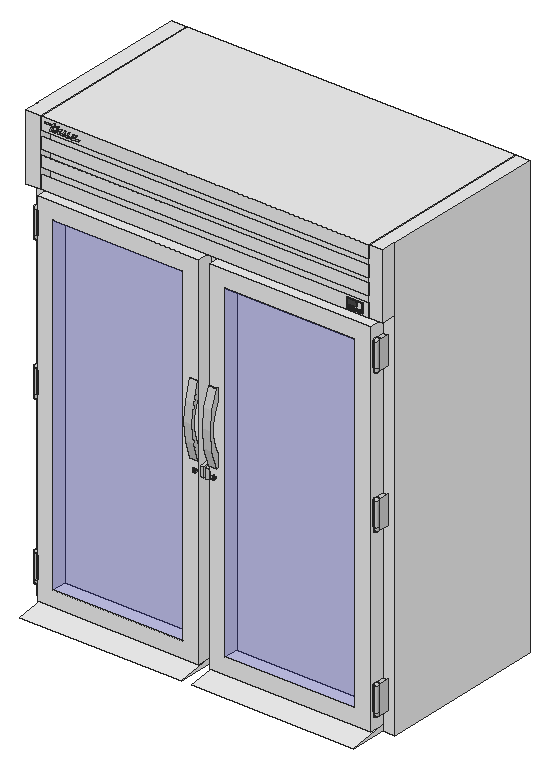
Revit family
Parameters
  Weight in Pounds = 0
  Watts = Volts * FL Amps  # 1357 W
  Volts = 115 V
  URL Cutsheet = "www.truemfg.com"
  URL = "www.truemfg.com"
  Type Mark [instance] = ""
  Type Comments = ""
  Status [instance] = ""
  Specification by User [instance] = ""
  Specification by Manufacturer = ""
  Show Logo [instance] = yes
  Show Clearance [instance] = yes
  Serial Number = ""
  Seismic Rating = ""
  SMACNA No = ""
  Revision Code [instance] = ""
  Phase = 1
  Omniclass Number and Title = ""
  Number of Poles [instance] = 1
  NAFEM Spec ID Number = ""
  Model = "STA2RRI-2G"
  Min Ckt Ampacity = 0 A
  Max Overcurrent Protection = 0 A
  Masterspec = ""
  Manufacturer = "TRUE FOOD SERVICE EQUIPMENT, INC."
  Length = 68"
  Item Number [instance] = ""
  Installed By [instance] = ""
  Identify Quantity as Lot [instance] = yes
  Height = 83 3/4"
  HP = "1/2"
  Furnished By [instance] = ""
  Foodservice Equipment Identifier [instance] = yes
  FL Amps = 11.8 A
  Electrical Remarks [instance] = ""
  Electric Connection Type [instance] = ""
  Elec Conn RI Height [instance] = 0"
  Elec Conn Connection Height [instance] = 0"
  Description = "Roll-in Glass Swing Door Refrigerator"
  Depth = 34 3/4"
  Cycle = 60 Hz
  Conn Plug = "5-15P"
  Conn Conduit = yes
  CSI MasterFormat = ""
  CSI Master Format = ""
  Apparent Power = if(Phase = 3, Volts * FL Amps * 1.73, Volts * FL Amps)  # 1357 VA
Reference planes (in)
  plane 1 "BACK": y = 0
  plane 2: z = 0
  plane 3 "LEFT": x = 0
  plane 4 "RIGHT": x = 68
  plane 5 "FRONT": y = -34.75
  plane 6 "TOP": z = 83.75
  plane 7: x = 2.84375
  plane 8: y = -34.7042
  plane 9: x = 34
  plane 10: z = 69.90625
Forms (in)
  Extrusion 1, solid, material "QF_Finishes_Chrome - Satin"
    sketch origin (0.05, 0, 0) x (1, 0, 0) y (0, 1, 0)
      loop
        line (-0.05, 0) -> (-0.05, -32) -> (2.87859, -32) -> (2.87859, 0) -> (-0.05, 0)
    from 0 to 83.75
  Extrusion 2, solid, material "QF_Finishes_Chrome - Satin"
    sketch origin (50.15, 0, 0) x (1, 0, 0) y (0, 1, 0)
      loop
        line (15.15, 0) -> (15.15, -32) -> (17.85, -32) -> (17.85, 0) -> (15.15, 0)
    from 0 to 83.75
  Extrusion 3, solid, material "QF_Finishes_Chrome - Satin"
    sketch origin (0, 0, 0) x (0, 1, 0) y (0, 0, 1)
      loop
        line (-34.7042, 71.28125) -> (-32, 71.28125) -> (-32, 0) -> (0, 0) -> (0, 83.75) -> (-34.7042, 83.75) -> (-34.7042, 81.40578) -> (-32.5, 79.83852) -> (-32.5, 78.71625) -> (-34.7042, 80.28351) -> (-34.7042, 78.1498) -> (-32.5, 76.58254) -> (-32.5, 75.62178) -> (-34.7042, 77.18904) -> (-34.7042, 75.09284) -> (-32.5, 73.52557) -> (-32.5, 72.25) -> (-34.7042, 73.81726) -> (-34.7042, 71.28125)
    from 2.92859 to 65.3
  Extrusion 4, solid, material "QF_Finishes_Chrome - Satin"
    sketch origin (0, 0, 0) x (1, 0, 0) y (0, 1, 0)
      loop
        line (67.84782, -32) -> (65.3, -32) -> (65.3, -34.75) -> (67.84782, -34.75) -> (67.84782, -32)
    from 71.28125 to 83.75
  Extrusion 5, solid, material "QF_Finishes_Chrome - Satin"
    sketch origin (-50.125, 0, 0.25) x (1, 0, 0) y (0, 1, 0)
      loop
        line (53.05359, -32) -> (50.24109, -32) -> (50.24109, -34.75) -> (53.05359, -34.75) -> (53.05359, -32)
    from 71.03125 to 83.5
  Extrusion 6, solid, material "QF_Finishes_Handrails and Railings", visible <- "Show Logo"
    sketch origin (0.33478, 0.06376, 5.00294) x (1, 0, 0) y (0, 0, 1)
      loop
        line (3.46044, 78.08731) -> (3.35478, 77.86073) -> (4.76027, 77.86073)
        arc (4.76027, 77.86073) -> (4.78879, 77.81028) -> (4.76027, 77.75984) r 0.05887
        line (4.76027, 77.75984) -> (4.39369, 76.97372)
        arc (4.39369, 76.97372) -> (4.39051, 76.90091) -> (4.43975, 76.84717) r 0.09523
        line (4.43975, 76.84717) -> (5.33844, 76.84717)
        arc (5.33844, 76.84717) -> (5.45192, 76.88295) -> (5.52436, 76.97735) r 0.19785
        line (5.52436, 76.97735) -> (5.81285, 77.59601) -> (6.0779, 77.59601)
        arc (6.0779, 77.59601) -> (6.14744, 77.57043) -> (6.13737, 77.49703) r 0.05911
        line (6.13737, 77.49703) -> (5.89598, 76.97937)
        arc (5.89598, 76.97937) -> (5.89974, 76.8934) -> (5.97231, 76.84717) r 0.09318
        line (5.97231, 76.84717) -> (6.76198, 76.84717)
        arc (6.76198, 76.84717) -> (6.82249, 76.86919) -> (6.85468, 76.92495) r 0.09412
        arc (6.85468, 76.92495) -> (6.87746, 76.86995) -> (6.93246, 76.84717) r 0.07778
        line (6.93246, 76.84717) -> (7.43246, 76.84717)
        arc (7.43246, 76.84717) -> (7.49022, 76.86265) -> (7.53251, 76.90493) r 0.11552
        arc (7.53251, 76.90493) -> (7.55275, 76.85606) -> (7.60162, 76.83581) r 0.06912
        line (7.60162, 76.83581) -> (8.31225, 76.83581)
        arc (8.31225, 76.83581) -> (8.37034, 76.85988) -> (8.39441, 76.91797) r 0.08216
        arc (8.39441, 76.91797) -> (8.44767, 76.86472) -> (8.52042, 76.84522) r 0.14551
        line (8.52042, 76.84522) -> (9.85158, 76.84522) -> (9.99946, 77.10134) -> (8.65678, 77.10134)
        arc (8.65678, 77.10134) -> (8.61972, 77.12704) -> (8.61834, 77.17211) r 0.05009
        line (8.61834, 77.17211) -> (8.64157, 77.22192)
        arc (8.64157, 77.22192) -> (8.67723, 77.26864) -> (8.73327, 77.28635) r 0.09747
        line (8.73327, 77.28635) -> (9.16485, 77.28635)
        arc (9.16485, 77.28635) -> (9.258, 77.31131) -> (9.32619, 77.3795) r 0.1863
        line (9.32619, 77.3795) -> (9.45119, 77.59601)
        arc (9.45119, 77.59601) -> (9.45119, 77.71157) -> (9.35111, 77.76934) r 0.11556
        line (9.35111, 77.76934) -> (8.89562, 77.76934)
        arc (8.89562, 77.76934) -> (8.7795, 77.74962) -> (8.69849, 77.66412) r 0.18605
        line (8.69849, 77.66412) -> (8.48204, 77.19993)
        arc (8.48204, 77.19993) -> (8.41815, 77.11667) -> (8.31806, 77.08511) r 0.1745
        line (8.31806, 77.08511) -> (7.84559, 77.08511)
        arc (7.84559, 77.08511) -> (7.78903, 77.14684) -> (7.79268, 77.23048) r 0.10939
        line (7.79268, 77.23048) -> (8.04395, 77.76934) -> (7.88403, 77.76934) -> (7.61781, 77.19844)
        arc (7.61781, 77.19844) -> (7.56609, 77.13103) -> (7.48505, 77.10548) r 0.14128
        line (7.48505, 77.10548) -> (7.15925, 77.10548)
        arc (7.15925, 77.10548) -> (7.10419, 77.17723) -> (7.116, 77.26689) r 0.11816
        line (7.116, 77.26689) -> (7.3503, 77.76934) -> (7.18514, 77.76934) -> (6.91546, 77.191)
        arc (6.91546, 77.191) -> (6.85285, 77.12839) -> (6.76733, 77.10548) r 0.17104
        line (6.76733, 77.10548) -> (6.29555, 77.10548)
        arc (6.29555, 77.10548) -> (6.21082, 77.14499) -> (6.20267, 77.23813) r 0.0935
        line (6.20267, 77.23813) -> (6.35774, 77.57069) -> (6.57695, 77.57069)
        arc (6.57695, 77.57069) -> (6.61395, 77.68217) -> (6.69267, 77.76934) r 0.2857
        line (6.69267, 77.76934) -> (5.83605, 77.76934)
        arc (5.83605, 77.76934) -> (5.74086, 77.74824) -> (5.67498, 77.67635) r 0.16212
        line (5.67498, 77.67635) -> (5.44279, 77.17841)
        arc (5.44279, 77.17841) -> (5.3894, 77.12502) -> (5.31647, 77.10548) r 0.14586
        line (5.31647, 77.10548) -> (4.80506, 77.10548)
        arc (4.80506, 77.10548) -> (4.76514, 77.15942) -> (4.77274, 77.22609) r 0.09155
        line (4.77274, 77.22609) -> (5.11018, 77.86073) -> (5.96155, 77.86073) -> (6.06721, 78.08731) -> (5.21584, 78.08731) -> (5.32149, 78.31388) -> (5.01862, 78.31388) -> (4.91297, 78.08731) -> (3.46044, 78.08731)
      loop
        arc (8.83805, 77.56363) -> (8.80119, 77.55375) -> (8.7742, 77.52676) r 0.07373
        line (8.7742, 77.52676) -> (8.75229, 77.45936)
        arc (8.75229, 77.45936) -> (8.76245, 77.43483) -> (8.78699, 77.42466) r 0.0347
        line (8.78699, 77.42466) -> (9.15948, 77.42466)
        arc (9.15948, 77.42466) -> (9.18632, 77.43061) -> (9.20812, 77.44734) r 0.0635
        line (9.20812, 77.44734) -> (9.22624, 77.53122)
        arc (9.22624, 77.53122) -> (9.22091, 77.55368) -> (9.20009, 77.56363) r 0.02676
        line (9.20009, 77.56363) -> (8.83805, 77.56363)
    from 34.76797 to 34.83173
  Extrusion 7, solid, material "QF_Finishes_White"
    sketch origin (-22.74812, 0.0458, -7.95638) x (1, 0, 0) y (0, 0, 1)
      loop
        line (83.81732, 81.35727) -> (83.81732, 79.60996) -> (86.72357, 79.60996) -> (86.72357, 81.35727) -> (83.81732, 81.35727)
    from 34.75 to 34.76797
  Extrusion 8, solid, material "QF_Finishes_Black"
    sketch origin (-22.74812, 0.0458, -7.95638) x (1, 0, 0) y (0, 0, 1)
      loop
        line (86.78607, 81.41977) -> (83.75482, 81.41977) -> (83.75482, 79.54746) -> (86.78607, 79.54746) -> (86.78607, 81.41977)
      loop
        spline (83.95482, 79.87872) -> (83.96333, 79.86254) -> (83.98831, 79.84747) -> (84.02804, 79.83452) -> (84.07982, 79.82459) -> (84.14011, 79.81835) -> (84.20482, 79.81622) -> (84.26952, 79.81835) -> (84.32982, 79.82459) -> (84.38159, 79.83452) -> (84.42132, 79.84747) -> (84.4463, 79.86254) -> (84.45482, 79.87872)
        spline (84.45482, 79.87872) -> (84.4463, 79.89489) -> (84.42132, 79.90997) -> (84.38159, 79.92291) -> (84.32982, 79.93284) -> (84.26952, 79.93909) -> (84.20482, 79.94122) -> (84.14011, 79.93909) -> (84.07982, 79.93284) -> (84.02804, 79.92291) -> (83.98831, 79.90997) -> (83.96333, 79.89489) -> (83.95482, 79.87872)
      loop
        spline (84.65083, 79.87872) -> (84.65935, 79.86254) -> (84.68432, 79.84747) -> (84.72405, 79.83452) -> (84.77583, 79.82459) -> (84.83612, 79.81835) -> (84.90083, 79.81622) -> (84.96553, 79.81835) -> (85.02583, 79.82459) -> (85.07761, 79.83452) -> (85.11734, 79.84747) -> (85.14231, 79.86254) -> (85.15083, 79.87872)
        spline (85.15083, 79.87872) -> (85.14231, 79.89489) -> (85.11734, 79.90997) -> (85.07761, 79.92291) -> (85.02583, 79.93284) -> (84.96553, 79.93909) -> (84.90083, 79.94122) -> (84.83612, 79.93909) -> (84.77583, 79.93284) -> (84.72405, 79.92291) -> (84.68432, 79.90997) -> (84.65935, 79.89489) -> (84.65083, 79.87872)
      loop
        spline (85.40083, 79.87872) -> (85.40935, 79.86254) -> (85.43432, 79.84747) -> (85.47405, 79.83452) -> (85.52583, 79.82459) -> (85.58612, 79.81835) -> (85.65083, 79.81622) -> (85.71553, 79.81835) -> (85.77583, 79.82459) -> (85.82761, 79.83452) -> (85.86734, 79.84747) -> (85.89231, 79.86254) -> (85.90083, 79.87872)
        spline (85.90083, 79.87872) -> (85.89231, 79.89489) -> (85.86734, 79.90997) -> (85.82761, 79.92291) -> (85.77583, 79.93284) -> (85.71553, 79.93909) -> (85.65083, 79.94122) -> (85.58612, 79.93909) -> (85.52583, 79.93284) -> (85.47405, 79.92291) -> (85.43432, 79.90997) -> (85.40935, 79.89489) -> (85.40083, 79.87872)
      loop
        line (83.95481, 81.21978) -> (83.95481, 80.21978) -> (85.65433, 80.21978) -> (85.65433, 81.21978) -> (83.95481, 81.21978)
      loop
        line (86.72357, 81.35727) -> (83.81732, 81.35727) -> (83.81732, 79.60996) -> (86.72357, 79.60996) -> (86.72357, 81.35727)
      loop
        spline (86.15083, 79.87872) -> (86.15935, 79.86254) -> (86.18432, 79.84747) -> (86.22405, 79.83452) -> (86.27583, 79.82459) -> (86.33612, 79.81835) -> (86.40083, 79.81622) -> (86.46553, 79.81835) -> (86.52583, 79.82459) -> (86.57761, 79.83452) -> (86.61734, 79.84747) -> (86.64231, 79.86254) -> (86.65083, 79.87872)
        spline (86.65083, 79.87872) -> (86.64231, 79.89489) -> (86.61734, 79.90997) -> (86.57761, 79.92291) -> (86.52583, 79.93284) -> (86.46553, 79.93909) -> (86.40083, 79.94122) -> (86.33612, 79.93909) -> (86.27583, 79.93284) -> (86.22405, 79.92291) -> (86.18432, 79.90997) -> (86.15935, 79.89489) -> (86.15083, 79.87872)
    from 34.76797 to 34.80335
  Extrusion 9, solid
    sketch origin (-25.125, 0, 0) x (1, 0, 0) y (0, 0, 1)
      loop
        circle (89.875, 81.625) r 0.25
    from 0 to 0.0625
  Extrusion 10, solid, material "QF_Finishes_Handrails and Railings"
    sketch origin (66.78125, 0, 3.5) x (0, 1, 0) y (0, 0, -1)
      loop
        line (-32, -64.17729) -> (-32, -58.86127) -> (-34.25, -58.86127) -> (-34.25, -59.57348) -> (-33.81497, -59.57348) -> (-33.81497, -63.97276)
        arc (-33.81497, -63.97276) -> (-33.75506, -64.11738) -> (-33.61044, -64.17729) r 0.20453
        line (-33.61044, -64.17729) -> (-32, -64.17729)
    from 0.17506 to 1
  Revolve 11, solid, material "QF_Finishes_Handrails and Railings"
    sketch origin (66.28125, 0, 3.5) x (0, 1, 0) y (0, 0, -1)
      loop
        line (-34.26563, -59.62689) -> (-34.67229, -59.62689) -> (-34.67229, -64.0986)
        arc (-34.67229, -64.0986) -> (-34.53722, -64.35057) -> (-34.26563, -64.43983) r 0.3848
        line (-34.26563, -64.43983) -> (-34.26563, -59.62689)
      loop
        line (-34.26563, -59.57348) -> (-34.26563, -58.67281)
        arc (-34.26563, -58.67281) -> (-34.53264, -58.75883) -> (-34.67229, -59.00212) r 0.38884
        line (-34.67229, -59.00212) -> (-34.67229, -59.57348) -> (-34.26563, -59.57348)
      axis (-34.26563, -58.67281) -> (-34.26563, -64.43983)
    angle from 0 to 360
  Extrusion 12, solid, material "QF_Finishes_Handrails and Railings"
    sketch origin (27.5, -1.07734, 3.5011) x (-1, 0, 0) y (0, 0, -1)
      loop
        line (-38.58509, -64.0986) -> (-38.1875, -64.0986) -> (-38.1875, -59.62579) -> (-38.58509, -59.62579) -> (-38.58509, -64.0986)
    from 32.81497 to 33.59495
  Extrusion 13, solid, material "QF_Finishes_Handrails and Railings"
    sketch origin (66.78125, 0, -24) x (0, 1, 0) y (0, 0, -1)
      loop
        line (-32, -64.55229) -> (-32, -59.23627) -> (-34.25, -59.23627) -> (-34.25, -59.94848) -> (-33.81497, -59.94848) -> (-33.81497, -64.34776)
        arc (-33.81497, -64.34776) -> (-33.75506, -64.49238) -> (-33.61044, -64.55229) r 0.20453
        line (-33.61044, -64.55229) -> (-32, -64.55229)
    from 0.17506 to 1
  Revolve 14, solid, material "QF_Finishes_Handrails and Railings"
    sketch origin (66.28125, 0, -24) x (0, 1, 0) y (0, 0, -1)
      loop
        line (-34.26563, -60.00189) -> (-34.67229, -60.00189) -> (-34.67229, -64.4736)
        arc (-34.67229, -64.4736) -> (-34.53722, -64.72557) -> (-34.26563, -64.81483) r 0.3848
        line (-34.26563, -64.81483) -> (-34.26563, -60.00189)
      loop
        line (-34.26563, -59.94848) -> (-34.26563, -59.04781)
        arc (-34.26563, -59.04781) -> (-34.53264, -59.13383) -> (-34.67229, -59.37712) r 0.38884
        line (-34.67229, -59.37712) -> (-34.67229, -59.94848) -> (-34.26563, -59.94848)
      axis (-34.26563, -59.04781) -> (-34.26563, -64.81483)
    angle from 0 to 360
  Extrusion 15, solid, material "QF_Finishes_Handrails and Railings"
    sketch origin (27.5, -1.07734, -23.9989) x (-1, 0, 0) y (0, 0, -1)
      loop
        line (-38.58509, -64.4736) -> (-38.1875, -64.4736) -> (-38.1875, -60.00079) -> (-38.58509, -60.00079) -> (-38.58509, -64.4736)
    from 32.81497 to 33.59495
  Extrusion 16, solid, material "QF_Finishes_Handrails and Railings"
    sketch origin (66.78125, 0, -55.5) x (0, 1, 0) y (0, 0, -1)
      loop
        line (-32, -64.55229) -> (-32, -59.23627) -> (-34.25, -59.23627) -> (-34.25, -59.94848) -> (-33.81497, -59.94848) -> (-33.81497, -64.34776)
        arc (-33.81497, -64.34776) -> (-33.75506, -64.49238) -> (-33.61044, -64.55229) r 0.20453
        line (-33.61044, -64.55229) -> (-32, -64.55229)
    from 0.17506 to 1
  Revolve 17, solid, material "QF_Finishes_Handrails and Railings"
    sketch origin (66.28125, 0, -55.5) x (0, 1, 0) y (0, 0, -1)
      loop
        line (-34.26563, -60.00189) -> (-34.67229, -60.00189) -> (-34.67229, -64.4736)
        arc (-34.67229, -64.4736) -> (-34.53722, -64.72557) -> (-34.26563, -64.81483) r 0.3848
        line (-34.26563, -64.81483) -> (-34.26563, -60.00189)
      loop
        line (-34.26563, -59.94848) -> (-34.26563, -59.04781)
        arc (-34.26563, -59.04781) -> (-34.53264, -59.13383) -> (-34.67229, -59.37712) r 0.38884
        line (-34.67229, -59.37712) -> (-34.67229, -59.94848) -> (-34.26563, -59.94848)
      axis (-34.26563, -59.04781) -> (-34.26563, -64.81483)
    angle from 0 to 360
  Extrusion 18, solid, material "QF_Finishes_Handrails and Railings"
    sketch origin (27.5, -1.07734, -55.4989) x (-1, 0, 0) y (0, 0, -1)
      loop
        line (-38.58509, -64.4736) -> (-38.1875, -64.4736) -> (-38.1875, -60.00079) -> (-38.58509, -60.00079) -> (-38.58509, -64.4736)
    from 32.81497 to 33.59495
  Extrusion 19, solid, material "QF_Finishes_Chrome - Satin"
    sketch origin (65.6875, -1, 8.03125) x (0, 0, 1) y (0, -1, 0)
      loop
        line (-8.03125, 37.875) -> (-8.03125, 31) -> (-7.03125, 31) -> (-8.03125, 37.875)
    from 0 to -30.6875
  Extrusion 20, solid, material "QF_Finishes_Handrails and Railings"
    sketch origin (1.21875, 0, 3.5) x (0, 1, 0) y (0, 0, 1)
      loop
        line (-32, 64.17729) -> (-33.61044, 64.17729)
        arc (-33.61044, 64.17729) -> (-33.75506, 64.11738) -> (-33.81497, 63.97276) r 0.20453
        line (-33.81497, 63.97276) -> (-33.81497, 59.57348) -> (-34.25, 59.57348) -> (-34.25, 58.86127) -> (-32, 58.86127) -> (-32, 64.17729)
    from 0.17506 to 1
  Revolve 21, solid, material "QF_Finishes_Handrails and Railings"
    sketch origin (1.71875, 0, 3.5) x (0, 1, 0) y (0, 0, 1)
      loop
        line (-34.26563, 59.62689) -> (-34.26563, 64.43983)
        arc (-34.26563, 64.43983) -> (-34.53722, 64.35057) -> (-34.67229, 64.0986) r 0.3848
        line (-34.67229, 64.0986) -> (-34.67229, 59.62689) -> (-34.26563, 59.62689)
      loop
        line (-34.26563, 59.57348) -> (-34.67229, 59.57348) -> (-34.67229, 59.00212)
        arc (-34.67229, 59.00212) -> (-34.53264, 58.75883) -> (-34.26563, 58.67281) r 0.38884
        line (-34.26563, 58.67281) -> (-34.26563, 59.57348)
      axis (-34.26563, 58.67281) -> (-34.26563, 64.43983)
    angle from 0 to 360
  Extrusion 22, solid, material "QF_Finishes_Handrails and Railings"
    sketch origin (40.5, -1.07734, 3.5011) x (1, 0, 0) y (0, 0, 1)
      loop
        line (-38.58509, 64.0986) -> (-38.58509, 59.62579) -> (-38.1875, 59.62579) -> (-38.1875, 64.0986) -> (-38.58509, 64.0986)
    from 32.81497 to 33.59495
  Extrusion 23, solid, material "QF_Finishes_Handrails and Railings"
    sketch origin (1.21875, 0, -24) x (0, 1, 0) y (0, 0, 1)
      loop
        line (-32, 64.55229) -> (-33.61044, 64.55229)
        arc (-33.61044, 64.55229) -> (-33.75506, 64.49238) -> (-33.81497, 64.34776) r 0.20453
        line (-33.81497, 64.34776) -> (-33.81497, 59.94848) -> (-34.25, 59.94848) -> (-34.25, 59.23627) -> (-32, 59.23627) -> (-32, 64.55229)
    from 0.17506 to 1
  Revolve 24, solid, material "QF_Finishes_Handrails and Railings"
    sketch origin (1.71875, 0, -24) x (0, 1, 0) y (0, 0, 1)
      loop
        line (-34.26563, 60.00189) -> (-34.26563, 64.81483)
        arc (-34.26563, 64.81483) -> (-34.53722, 64.72557) -> (-34.67229, 64.4736) r 0.3848
        line (-34.67229, 64.4736) -> (-34.67229, 60.00189) -> (-34.26563, 60.00189)
      loop
        line (-34.26563, 59.94848) -> (-34.67229, 59.94848) -> (-34.67229, 59.37712)
        arc (-34.67229, 59.37712) -> (-34.53264, 59.13383) -> (-34.26563, 59.04781) r 0.38884
        line (-34.26563, 59.04781) -> (-34.26563, 59.94848)
      axis (-34.26563, 59.04781) -> (-34.26563, 64.81483)
    angle from 0 to 360
  Extrusion 25, solid, material "QF_Finishes_Handrails and Railings"
    sketch origin (40.5, -1.07734, -23.9989) x (1, 0, 0) y (0, 0, 1)
      loop
        line (-38.58509, 64.4736) -> (-38.58509, 60.00079) -> (-38.1875, 60.00079) -> (-38.1875, 64.4736) -> (-38.58509, 64.4736)
    from 32.81497 to 33.59495
  Extrusion 26, solid, material "QF_Finishes_Handrails and Railings"
    sketch origin (1.21875, 0, -55.5) x (0, 1, 0) y (0, 0, 1)
      loop
        line (-32, 64.55229) -> (-33.61044, 64.55229)
        arc (-33.61044, 64.55229) -> (-33.75506, 64.49238) -> (-33.81497, 64.34776) r 0.20453
        line (-33.81497, 64.34776) -> (-33.81497, 59.94848) -> (-34.25, 59.94848) -> (-34.25, 59.23627) -> (-32, 59.23627) -> (-32, 64.55229)
    from 0.17506 to 1
  Revolve 27, solid, material "QF_Finishes_Handrails and Railings"
    sketch origin (1.71875, 0, -55.5) x (0, 1, 0) y (0, 0, 1)
      loop
        line (-34.26563, 60.00189) -> (-34.26563, 64.81483)
        arc (-34.26563, 64.81483) -> (-34.53722, 64.72557) -> (-34.67229, 64.4736) r 0.3848
        line (-34.67229, 64.4736) -> (-34.67229, 60.00189) -> (-34.26563, 60.00189)
      loop
        line (-34.26563, 59.94848) -> (-34.67229, 59.94848) -> (-34.67229, 59.37712)
        arc (-34.67229, 59.37712) -> (-34.53264, 59.13383) -> (-34.26563, 59.04781) r 0.38884
        line (-34.26563, 59.04781) -> (-34.26563, 59.94848)
      axis (-34.26563, 59.04781) -> (-34.26563, 64.81483)
    angle from 0 to 360
  Extrusion 28, solid, material "QF_Finishes_Handrails and Railings"
    sketch origin (40.5, -1.07734, -55.4989) x (1, 0, 0) y (0, 0, 1)
      loop
        line (-38.58509, 64.4736) -> (-38.58509, 60.00079) -> (-38.1875, 60.00079) -> (-38.1875, 64.4736) -> (-38.58509, 64.4736)
    from 32.81497 to 33.59495
  Extrusion 29, solid, material "QF_Finishes_Chrome - Satin"
    sketch origin (2.3125, -1, 8.03125) x (0, 0, 1) y (0, 1, 0)
      loop
        line (-8.03125, -37.875) -> (-7.03125, -31) -> (-8.03125, -31) -> (-8.03125, -37.875)
    from 0 to -30.6875
  Extrusion 30, solid, material "QF_Finishes_Door Clearance", visible <- "Show Clearance", detail levels coarse
    sketch origin (32.71875, -1, 1) x (0, 1, 0) y (1, 0, 0)
      loop
        line (-33.75, -30.40625) -> (-33.75, 0.28125)
        arc (-33.75, 0.28125) -> (-55.44934, -8.70691) -> (-64.4375, -30.40625) r 30.6875
        line (-64.4375, -30.40625) -> (-33.75, -30.40625)
      loop
        line (-33.75, 32.96875) -> (-64.4375, 32.96875)
        arc (-64.4375, 32.96875) -> (-55.44934, 11.26941) -> (-33.75, 2.28125) r 30.6875
        line (-33.75, 2.28125) -> (-33.75, 32.96875)
    from 0 to -68.90625
  Extrusion 31, solid, material "QF_Finishes_Chrome - Satin"
    sketch origin (59.96875, -1, -0.71875) x (-1, 0, 0) y (0, 0, -1)
      loop
        line (26.96875, -1.71875) -> (26.96875, -70.625) -> (57.65625, -70.625) -> (57.65625, -1.71875) -> (26.96875, -1.71875)
      loop
        line (29.96875, -67.625) -> (54.65625, -67.625) -> (54.65625, -4.71875) -> (29.96875, -4.71875) -> (29.96875, -67.625)
      loop
        line (24.96875, -1.71875) -> (-5.71875, -1.71875) -> (-5.71875, -70.625) -> (24.96875, -70.625) -> (24.96875, -1.71875)
      loop
        line (21.96875, -67.625) -> (21.96875, -4.71875) -> (-2.71875, -4.71875) -> (-2.71875, -67.625) -> (21.96875, -67.625)
    from 31 to 33.75
  Extrusion 32, solid, material "Glass"
    sketch origin (59.96875, -1, -0.71875) x (-1, 0, 0) y (0, 0, -1)
      loop
        line (29.96875, -67.625) -> (54.65625, -67.625) -> (54.65625, -4.71875) -> (29.96875, -4.71875) -> (29.96875, -67.625)
      loop
        line (21.96875, -67.625) -> (21.96875, -4.71875) -> (-2.71875, -4.71875) -> (-2.71875, -67.625) -> (21.96875, -67.625)
    from 31 to 33.75
  Extrusion 33, solid, material "QF_Finishes_Handrails and Railings"
    sketch origin (9.34375, -1.08467, -6.25) x (1, 0, 0) y (0, 0, 1)
      loop
        circle (26.4375, 40.0625) r 0.35
      loop
        line (26.47265, 40.33635) -> (26.41715, 40.33635) -> (26.41715, 39.76895) -> (26.47265, 39.76895) -> (26.47265, 40.33635)
    from 33.5 to 33.83066
  Blend 34, solid, material "QF_Finishes_Handrails and Railings"
    base sketch origin (60.25, -1, -4.25) x (-1, 0, 0) y (0, 0, -1)
      loop
        line (25.25, -38.99169) -> (26, -38.99169) -> (26, -37.24169) -> (25.25, -37.24169) -> (25.25, -38.99169)
    top sketch origin (60.25, 0, -4.25) x (-1, 0, 0) y (0, 0, -1)
      loop
        line (26.18223, -36.6441) -> (25.25, -36.6441) -> (25.25, -39.42643) -> (26.18223, -39.42643) -> (26.18223, -36.6441)
    from 33.57883 to 32
  Extrusion 35, solid, material "QF_Finishes_Handrails and Railings"
    sketch origin (43.84606, -0.25, 89.5375) x (0, 1, 0) y (0, 0, -1)
      loop
        line (-34.5, 53.875) -> (-34.7, 53.875)
        arc (-34.7, 53.875) -> (-36.14405, 47.075) -> (-34.7, 40.275) r 16.7325
        line (-34.7, 40.275) -> (-34.5, 40.275) -> (-34.5, 42.675)
        arc (-34.5, 42.675) -> (-35.65816, 47.075) -> (-34.5, 51.475) r 8.93715
        line (-34.5, 51.475) -> (-34.5, 53.875)
    from 10.87731 to 12.37731
  Extrusion 36, solid, material "QF_Finishes_Handrails and Railings"
    sketch origin (58.65625, -1.08467, -6.25) x (-1, 0, 0) y (0, 0, -1)
      loop
        circle (26.4375, -40.0625) r 0.35
      loop
        line (26.47265, -40.33635) -> (26.47265, -39.76895) -> (26.41715, -39.76895) -> (26.41715, -40.33635) -> (26.47265, -40.33635)
    from 33.5 to 33.83066
  Blend 37, solid, material "QF_Finishes_Handrails and Railings"
    base sketch origin (7.75, -1, -4.25) x (1, 0, 0) y (0, 0, 1)
      loop
        line (25.25, 38.99169) -> (25.25, 37.24169) -> (26, 37.24169) -> (26, 38.99169) -> (25.25, 38.99169)
    top sketch origin (7.75, 0, -4.25) x (1, 0, 0) y (0, 0, 1)
      loop
        line (26.18223, 36.6441) -> (26.18223, 39.42643) -> (25.25, 39.42643) -> (25.25, 36.6441) -> (26.18223, 36.6441)
    from 33.57883 to 32
  Extrusion 38, solid, material "QF_Finishes_Handrails and Railings"
    sketch origin (24.15394, -0.25, 89.5375) x (0, 1, 0) y (0, 0, 1)
      loop
        line (-34.5, -53.875) -> (-34.5, -51.475)
        arc (-34.5, -51.475) -> (-35.65816, -47.075) -> (-34.5, -42.675) r 8.93715
        line (-34.5, -42.675) -> (-34.5, -40.275) -> (-34.7, -40.275)
        arc (-34.7, -40.275) -> (-36.14405, -47.075) -> (-34.7, -53.875) r 16.7325
        line (-34.7, -53.875) -> (-34.5, -53.875)
    from 10.87731 to 12.37731
Cuts and joins
  joined: Extrusion 1, Extrusion 2, Extrusion 4, Extrusion 5
Lines and regions (in)
  symbolic lines
    curve 1: line (0, 0, 0) -> (68, 0, 0)
    curve 2: line (0, -34.75, 0) -> (0, 0, 0)
    curve 3: line (68, -34.75, 0) -> (0, -34.75, 0)
    curve 4: line (68, 0, 0) -> (68, -34.75, 0)
    curve 5: line (68, -32.5, 0) -> (0, -32.5, 0)
    curve 12: line (32.96875, -34.75, 0) -> (32.96875, -36.39405, 0)
    curve 13: line (36.53125, -34.75, 0) -> (36.53125, -36.39405, 0)
    curve 14: line (36.53125, -36.39405, 0) -> (35.03125, -36.39405, 0)
    curve 15: line (35.03125, -34.75, 0) -> (35.03125, -36.39405, 0)
  symbolic lines, style "QF_Door Swings", visible <- "Show Clearance", detail levels coarse
    curve 6: line (2.3125, -34.75, 0) -> (2.3125, -65.4375, 0)
    curve 7: arc (33, -34.75, 0) -> (24.01184, -56.44934, 0) -> (2.3125, -65.4375, 0) r 30.6875
    curve 8: arc (65.6875, -65.4375, 0) -> (43.98816, -56.44934, 0) -> (35, -34.75, 0) r 30.6875
    curve 9: line (65.6875, -65.4375, 0) -> (65.6875, -34.75, 0)
  symbolic lines, style "SpecialityEquipment"
    curve 10: line (31.46875, -36.39405, 0) -> (31.46875, -34.75, 0)
    curve 11: line (31.46875, -36.39405, 0) -> (32.96875, -36.39405, 0)
Dimensions and locks (in)
  "Depth": plane 5 "FRONT" to plane 1 "BACK"
  plane 6 "TOP" to level = 83 3/4"  (x2)
  "Length": plane 3 "LEFT" to plane 4 "RIGHT"
  plane 4 "RIGHT" to plane 3 "LEFT" = 68"
  equal spacing: plane 3 "LEFT", plane 9, plane 4 "RIGHT"
  plane 10 to level = 69 29/32"
  aligned and locked: level to plane 2
Automatic sketch dimensions
  plane 1 "BACK" to curve 1 = 0"
  curve 1 to plane 3 "LEFT" = 0"
  curve 4 to plane 4 "RIGHT" = 0"
  curve 5 to plane 5 "FRONT" = 2 1/4"
  Extrusion 1 sketch curve to plane 3 "LEFT" = 0"
  plane 1 "BACK" to Extrusion 1 sketch curve = 0"
  plane 7 to Extrusion 1 sketch curve = 0.08484"
  Extrusion 1 sketch curve to plane 5 "FRONT" = 2 3/4"
  plane 1 "BACK" to Extrusion 2 sketch curve = 0"
  Extrusion 2 sketch curve to plane 4 "RIGHT" = 0"
  Extrusion 2 sketch curve to plane 4 "RIGHT" = 2.7"
  Extrusion 2 sketch curve to plane 5 "FRONT" = 2 3/4"
  Extrusion 3 sketch curve to plane 8 = 0"  (x4)
  Extrusion 3 sketch curve to level = 0"
  Extrusion 3 sketch curve to plane 6 "TOP" = 0"
  plane 8 to Extrusion 3 sketch curve = 2.2042"  (x2)
  Extrusion 3 sketch curve to Extrusion 3 sketch curve = 0"
  Extrusion 3 sketch curve to Extrusion 3 sketch curve = 1/2"
  plane 1 "BACK" to Extrusion 3 sketch curve = 0"
  Extrusion 3 sketch curve to plane 6 "TOP" = 12 15/32"
  Extrusion 3 sketch curve to Extrusion 3 sketch curve = 31/32"
  Extrusion 3 sketch curve to Extrusion 3 sketch curve = 1.27557"  (x2)
  Extrusion 3 sketch curve to Extrusion 3 sketch curve = 0.29169"
  Extrusion 3 sketch curve to Extrusion 3 sketch curve = 2.0962"  (x2)
  Extrusion 3 sketch curve to Extrusion 3 sketch curve = 0.96076"  (x2)
  Extrusion 3 sketch curve to Extrusion 3 sketch curve = 2.13371"  (x2)
  Extrusion 3 sketch curve to Extrusion 3 sketch curve = 1.12227"  (x2)
  plane 5 "FRONT" to Extrusion 4 sketch curve = 0"
  Extrusion 4 sketch curve to plane 4 "RIGHT" = 2.7"
  Extrusion 4 sketch curve to plane 4 "RIGHT" = 0.15218"
  Extrusion 4 sketch curve to plane 5 "FRONT" = 2 3/4"
  plane 5 "FRONT" to Extrusion 5 sketch curve = 0"
  plane 3 "LEFT" to Extrusion 5 sketch curve = 0.11609"
  plane 7 to Extrusion 5 sketch curve = 0.08484"
  Extrusion 5 sketch curve to plane 5 "FRONT" = 2 3/4"
  plane 7 to Extrusion 6 sketch curve = 0.84582"
  Extrusion 6 sketch curve to Extrusion 6 sketch curve = 0.10565"  (x5)
  Extrusion 6 sketch curve to Extrusion 6 sketch curve = 1.03891"
  Extrusion 6 sketch curve to Extrusion 6 sketch curve = 0.04606"
  Extrusion 6 sketch curve to Extrusion 6 sketch curve = 0.08631"
  Extrusion 6 sketch curve to Extrusion 6 sketch curve = 0.33624"
  Extrusion 6 sketch curve to Extrusion 6 sketch curve = 0.03034"  (x2)
  Extrusion 6 sketch curve to Extrusion 6 sketch curve = 0.29274"
  Extrusion 6 sketch curve to Extrusion 6 sketch curve = 0.03232"
  Extrusion 6 sketch curve to Extrusion 6 sketch curve = 0.04851"
  Extrusion 6 sketch curve to plane 6 "TOP" = 0.65975"
  Extrusion 6 sketch curve to Extrusion 6 sketch curve = 0.1527"
  Extrusion 6 sketch curve to plane 6 "TOP" = 0.43317"
  Extrusion 6 sketch curve to Extrusion 6 sketch curve = 0.19721"
  Extrusion 6 sketch curve to Extrusion 6 sketch curve = 0.4629"
  Extrusion 6 sketch curve to Extrusion 6 sketch curve = 0.02197"
  Extrusion 6 sketch curve to Extrusion 6 sketch curve = 0.12632"
  Extrusion 6 sketch curve to Extrusion 6 sketch curve = 0.18591"
  Extrusion 6 sketch curve to plane 6 "TOP" = 1.0707"
  Extrusion 6 sketch curve to Extrusion 6 sketch curve = 0.2322"
  Extrusion 6 sketch curve to Extrusion 6 sketch curve = 0.13786"
  Extrusion 6 sketch curve to Extrusion 6 sketch curve = 0.00907"
  Extrusion 6 sketch curve to Extrusion 6 sketch curve = 0.01413"
  Extrusion 6 sketch curve to Extrusion 6 sketch curve = 0.37162"
  Extrusion 6 sketch curve to plane 6 "TOP" = 0.88633"
  Extrusion 6 sketch curve to Extrusion 6 sketch curve = 0.12551"
  Extrusion 6 sketch curve to Extrusion 6 sketch curve = 0.07633"
  Extrusion 6 sketch curve to Extrusion 6 sketch curve = 0.08445"
  Extrusion 6 sketch curve to Extrusion 6 sketch curve = 0.25598"
  Extrusion 6 sketch curve to Extrusion 6 sketch curve = 0.01887"
  Extrusion 6 sketch curve to Extrusion 6 sketch curve = 0.04061"
  Extrusion 6 sketch curve to plane 6 "TOP" = 1.50892"
  Extrusion 6 sketch curve to Extrusion 6 sketch curve = 0.0653"
  Extrusion 6 sketch curve to Extrusion 6 sketch curve = 0.08474"
  Extrusion 6 sketch curve to Extrusion 6 sketch curve = 0.00815"
  Extrusion 6 sketch curve to Extrusion 6 sketch curve = 0.22037"
  Extrusion 6 sketch curve to Extrusion 6 sketch curve = 0.21921"
  Extrusion 6 sketch curve to Extrusion 6 sketch curve = 0.11572"
  Extrusion 6 sketch curve to Extrusion 6 sketch curve = 0.46643"
  Extrusion 6 sketch curve to Extrusion 6 sketch curve = 0.00535"
  Extrusion 6 sketch curve to Extrusion 6 sketch curve = 0.09269"
  Extrusion 6 sketch curve to Extrusion 6 sketch curve = 0.09348"
  Extrusion 6 sketch curve to Extrusion 6 sketch curve = 0.14812"
  Extrusion 6 sketch curve to Extrusion 6 sketch curve = 0.07778"
  Extrusion 6 sketch curve to Extrusion 6 sketch curve = 0.20054"
  Extrusion 6 sketch curve to Extrusion 6 sketch curve = 0.04325"
  Extrusion 6 sketch curve to plane 6 "TOP" = 0.97771"  (x2)
  Extrusion 6 sketch curve to Extrusion 6 sketch curve = 0.32433"
  Extrusion 6 sketch curve to Extrusion 6 sketch curve = 0.10233"  (x2)
  Extrusion 6 sketch curve to Extrusion 6 sketch curve = 0.16515"
  Extrusion 6 sketch curve to Extrusion 6 sketch curve = 0.27321"
  Extrusion 6 sketch curve to Extrusion 6 sketch curve = 0.0526"
  Extrusion 6 sketch curve to Extrusion 6 sketch curve = 0.10005"
  Extrusion 6 sketch curve to Extrusion 6 sketch curve = 0.06912"
  Extrusion 6 sketch curve to Extrusion 6 sketch curve = 0.13276"
  Extrusion 6 sketch curve to plane 6 "TOP" = 1.51658"
  Extrusion 6 sketch curve to Extrusion 6 sketch curve = 0.17486"
  Extrusion 6 sketch curve to Extrusion 6 sketch curve = 0.05291"
  Extrusion 6 sketch curve to Extrusion 6 sketch curve = 0.53374"
  Extrusion 6 sketch curve to Extrusion 6 sketch curve = 0.09914"
  Extrusion 6 sketch curve to Extrusion 6 sketch curve = 0.15992"
  Extrusion 6 sketch curve to Extrusion 6 sketch curve = 0.46666"
  Extrusion 6 sketch curve to Extrusion 6 sketch curve = 0.00582"
  Extrusion 6 sketch curve to Extrusion 6 sketch curve = 0.08216"
  Extrusion 6 sketch curve to Extrusion 6 sketch curve = 0.16397"
  Extrusion 6 sketch curve to Extrusion 6 sketch curve = 0.12601"
  Extrusion 6 sketch curve to plane 6 "TOP" = 1.57494"
  Extrusion 6 sketch curve to Extrusion 6 sketch curve = 0.1363"
  Extrusion 6 sketch curve to plane 6 "TOP" = 1.52514"
  Extrusion 6 sketch curve to Extrusion 6 sketch curve = 0.02323"
  Extrusion 6 sketch curve to Extrusion 6 sketch curve = 0.03844"
  Extrusion 6 sketch curve to Extrusion 6 sketch curve = 0.0454"
  Extrusion 6 sketch curve to Extrusion 6 sketch curve = 0.05693"
  Extrusion 6 sketch curve to Extrusion 6 sketch curve = 0.0917"
  Extrusion 6 sketch curve to Extrusion 6 sketch curve = 0.01902"
  Extrusion 6 sketch curve to Extrusion 6 sketch curve = 0.02191"
  Extrusion 6 sketch curve to Extrusion 6 sketch curve = 0.0347"
  Extrusion 6 sketch curve to Extrusion 6 sketch curve = 0.06385"
  Extrusion 6 sketch curve to Extrusion 6 sketch curve = 0.02906"
  Extrusion 6 sketch curve to Extrusion 6 sketch curve = 0.02851"
  Extrusion 6 sketch curve to Extrusion 6 sketch curve = 0.29237"
  Extrusion 6 sketch curve to Extrusion 6 sketch curve = 0.00537"
  Extrusion 6 sketch curve to Extrusion 6 sketch curve = 0.0406"
  Extrusion 6 sketch curve to plane 6 "TOP" = 1.29971"
  Extrusion 6 sketch curve to Extrusion 6 sketch curve = 0.04327"
  Extrusion 6 sketch curve to Extrusion 6 sketch curve = 0.02615"
  Extrusion 6 sketch curve to plane 6 "TOP" = 1.36755"
  Extrusion 6 sketch curve to Extrusion 6 sketch curve = 0.11806"
  Extrusion 6 sketch curve to Extrusion 6 sketch curve = 0.15103"
  Extrusion 6 sketch curve to Extrusion 6 sketch curve = 0.10007"
  Extrusion 6 sketch curve to Extrusion 6 sketch curve = 0.5254"
  Extrusion 6 sketch curve to plane 6 "TOP" = 1.64572"
  Extrusion 6 sketch curve to Extrusion 6 sketch curve = 0.14787"
  Extrusion 6 sketch curve to Extrusion 6 sketch curve = 0.14537"
  Extrusion 6 sketch curve to Extrusion 6 sketch curve = 0.63134"
  Extrusion 6 sketch curve to Extrusion 6 sketch curve = 0.11061"
  Extrusion 6 sketch curve to Extrusion 6 sketch curve = 0.25876"
  Extrusion 6 sketch curve to Extrusion 6 sketch curve = 0.06767"
  Extrusion 6 sketch curve to Extrusion 6 sketch curve = 0.12655"
  Extrusion 6 sketch curve to Extrusion 6 sketch curve = 0.12242"
  Extrusion 6 sketch curve to Extrusion 6 sketch curve = 0.29684"
  Extrusion 6 sketch curve to Extrusion 6 sketch curve = 0.03938"
  Extrusion 6 sketch curve to Extrusion 6 sketch curve = 0.06046"
  Extrusion 6 sketch curve to Extrusion 6 sketch curve = 0.13266"
  Extrusion 6 sketch curve to Extrusion 6 sketch curve = 0.14279"
  Extrusion 6 sketch curve to Extrusion 6 sketch curve = 0.07293"
  Extrusion 6 sketch curve to Extrusion 6 sketch curve = 0.07764"
  Extrusion 6 sketch curve to Extrusion 6 sketch curve = 0.03794"
  Extrusion 6 sketch curve to Extrusion 6 sketch curve = 0.08552"
  Extrusion 6 sketch curve to Extrusion 6 sketch curve = 0.09296"
  Extrusion 6 sketch curve to Extrusion 6 sketch curve = 0.02781"
  Extrusion 6 sketch curve to Extrusion 6 sketch curve = 0.04799"
  Extrusion 6 sketch curve to Extrusion 6 sketch curve = 0.03054"
  Extrusion 6 sketch curve to Extrusion 6 sketch curve = 0.2589"
  Extrusion 6 sketch curve to Extrusion 6 sketch curve = 0.0674"
  Extrusion 6 sketch curve to Extrusion 6 sketch curve = 0.0324"
  Extrusion 6 sketch curve to Extrusion 6 sketch curve = 0.26185"
  Extrusion 6 sketch curve to Extrusion 6 sketch curve = 11/256"
  Extrusion 6 sketch curve to Extrusion 6 sketch curve = 0.07366"
  Extrusion 6 sketch curve to Extrusion 6 sketch curve = 0.02187"
  Extrusion 6 sketch curve to Extrusion 6 sketch curve = 0.06479"
  Extrusion 6 sketch curve to Extrusion 6 sketch curve = 0.05778"
  Extrusion 6 sketch curve to Extrusion 6 sketch curve = 0.32747"
  Extrusion 6 sketch curve to Extrusion 6 sketch curve = 0.05045"
  Extrusion 6 sketch curve to Extrusion 6 sketch curve = 29/128"
  Extrusion 7 sketch curve to plane 4 "RIGHT" = 6.9308"
  Extrusion 7 sketch curve to Extrusion 7 sketch curve = 2 29/32"
  Extrusion 7 sketch curve to plane 6 "TOP" = 12.09642"
  Extrusion 7 sketch curve to Extrusion 7 sketch curve = 1.74732"
  Extrusion 8 sketch curve to plane 4 "RIGHT" = 6.9933"
  Extrusion 8 sketch curve to Extrusion 8 sketch curve = 1/16"  (x4)
  Extrusion 8 sketch curve to Extrusion 8 sketch curve = 0.1375"  (x3)
  Extrusion 8 sketch curve to Extrusion 8 sketch curve = 1/4"  (x4)
  Extrusion 8 sketch curve to Extrusion 8 sketch curve = 0.44601"
  Extrusion 8 sketch curve to Extrusion 8 sketch curve = 1/2"  (x2)
  Extrusion 8 sketch curve to Extrusion 8 sketch curve = 0.0035"
  Extrusion 8 sketch curve to Extrusion 8 sketch curve = 1.06923"
  Extrusion 8 sketch curve to plane 6 "TOP" = 12.15892"
  Extrusion 8 sketch curve to Extrusion 8 sketch curve = 0.26876"  (x2)
  Extrusion 8 sketch curve to Extrusion 8 sketch curve = 0"  (x2)
  Extrusion 8 sketch curve to Extrusion 8 sketch curve = 0.34106"
  Extrusion 8 sketch curve to Extrusion 8 sketch curve = 1"
  Extrusion 9 sketch curve to plane 4 "RIGHT" = 3 1/4"
  Extrusion 9 sketch curve to plane 6 "TOP" = 2 1/8"
  Extrusion 10 sketch curve to plane 5 "FRONT" = 1/2"
  Extrusion 10 sketch curve to Extrusion 10 sketch curve = 0.43503"
  Extrusion 10 sketch curve to Extrusion 10 sketch curve = 0.20453"
  Extrusion 10 sketch curve to Extrusion 10 sketch curve = 1.61044"
  Extrusion 10 sketch curve to plane 6 "TOP" = 16.07271"
  Extrusion 10 sketch curve to Extrusion 10 sketch curve = 4.39928"
  Extrusion 10 sketch curve to Extrusion 10 sketch curve = 0.71221"
  Revolve 11 sketch curve to plane 5 "FRONT" = 0.07771"  (x2)
  Revolve 11 sketch curve to Revolve 11 sketch curve = 0.38242"
  Revolve 11 sketch curve to Revolve 11 sketch curve = 0.38436"
  Revolve 11 sketch curve to plane 5 "FRONT" = 31/64"
  Revolve 11 sketch curve to Revolve 11 sketch curve = 0.40666"
  Revolve 11 sketch curve to Revolve 11 sketch curve = 0"
  Revolve 11 sketch curve to plane 6 "TOP" = 15.25492"
  Revolve 11 sketch curve to Revolve 11 sketch curve = 0.55526"
  Revolve 11 sketch curve to Revolve 11 sketch curve = 0.19474"
  Revolve 11 sketch curve to Revolve 11 sketch curve = 0.14649"
  Revolve 11 sketch curve to Revolve 11 sketch curve = 4.42889"
  Revolve 11 sketch curve to Revolve 11 sketch curve = 0.05342"
  Revolve 11 sketch curve to Revolve 11 sketch curve = 0.51246"
  Revolve 11 sketch curve to Revolve 11 sketch curve = 0.05889"
  Extrusion 12 sketch curve to plane 4 "RIGHT" = 1.91491"
  Extrusion 12 sketch curve to Extrusion 12 sketch curve = 0.39759"
  Extrusion 12 sketch curve to plane 6 "TOP" = 16.1503"
  Extrusion 12 sketch curve to Extrusion 12 sketch curve = 4.47281"
  Extrusion 13 sketch curve to plane 5 "FRONT" = 1/2"
  Extrusion 13 sketch curve to Extrusion 13 sketch curve = 0.43503"
  Extrusion 13 sketch curve to Extrusion 13 sketch curve = 0.20453"
  Extrusion 13 sketch curve to Extrusion 13 sketch curve = 1.61044"
  level to Extrusion 13 sketch curve = 40.55229"
  Extrusion 13 sketch curve to Extrusion 13 sketch curve = 4.39928"
  Extrusion 13 sketch curve to Extrusion 13 sketch curve = 0.71221"
  Revolve 14 sketch curve to plane 5 "FRONT" = 0.07771"  (x2)
  Revolve 14 sketch curve to Revolve 14 sketch curve = 0.38242"
  Revolve 14 sketch curve to Revolve 14 sketch curve = 0.38436"
  Revolve 14 sketch curve to plane 5 "FRONT" = 31/64"
  Revolve 14 sketch curve to Revolve 14 sketch curve = 0.40666"
  Revolve 14 sketch curve to Revolve 14 sketch curve = 0"
  level to Revolve 14 sketch curve = 41.37008"
  Revolve 14 sketch curve to Revolve 14 sketch curve = 0.55526"
  Revolve 14 sketch curve to Revolve 14 sketch curve = 0.19474"
  Revolve 14 sketch curve to Revolve 14 sketch curve = 0.14649"
  Revolve 14 sketch curve to Revolve 14 sketch curve = 4.42889"
  Revolve 14 sketch curve to Revolve 14 sketch curve = 0.05342"
  Revolve 14 sketch curve to Revolve 14 sketch curve = 0.51246"
  Revolve 14 sketch curve to Revolve 14 sketch curve = 0.05889"
  Extrusion 15 sketch curve to plane 4 "RIGHT" = 1.91491"
  Extrusion 15 sketch curve to Extrusion 15 sketch curve = 0.39759"
  level to Extrusion 15 sketch curve = 40.4747"
  Extrusion 15 sketch curve to Extrusion 15 sketch curve = 4.47281"
  Extrusion 16 sketch curve to plane 5 "FRONT" = 1/2"
  Extrusion 16 sketch curve to Extrusion 16 sketch curve = 0.43503"
  Extrusion 16 sketch curve to Extrusion 16 sketch curve = 0.20453"
  Extrusion 16 sketch curve to Extrusion 16 sketch curve = 1.61044"
  level to Extrusion 16 sketch curve = 9.05229"
  Extrusion 16 sketch curve to Extrusion 16 sketch curve = 4.39928"
  Extrusion 16 sketch curve to Extrusion 16 sketch curve = 0.71221"
  Revolve 17 sketch curve to plane 5 "FRONT" = 0.07771"  (x2)
  Revolve 17 sketch curve to Revolve 17 sketch curve = 0.38242"
  Revolve 17 sketch curve to Revolve 17 sketch curve = 0.38436"
  Revolve 17 sketch curve to plane 5 "FRONT" = 31/64"
  Revolve 17 sketch curve to Revolve 17 sketch curve = 0.40666"
  Revolve 17 sketch curve to Revolve 17 sketch curve = 0"
  level to Revolve 17 sketch curve = 9.87008"
  Revolve 17 sketch curve to Revolve 17 sketch curve = 0.55526"
  Revolve 17 sketch curve to Revolve 17 sketch curve = 0.19474"
  Revolve 17 sketch curve to Revolve 17 sketch curve = 0.14649"
  Revolve 17 sketch curve to Revolve 17 sketch curve = 4.42889"
  Revolve 17 sketch curve to Revolve 17 sketch curve = 0.05342"
  Revolve 17 sketch curve to Revolve 17 sketch curve = 0.51246"
  Revolve 17 sketch curve to Revolve 17 sketch curve = 0.05889"
  Extrusion 18 sketch curve to plane 4 "RIGHT" = 1.91491"
  Extrusion 18 sketch curve to Extrusion 18 sketch curve = 0.39759"
  level to Extrusion 18 sketch curve = 8.9747"
  Extrusion 18 sketch curve to Extrusion 18 sketch curve = 4.47281"
  Extrusion 20 sketch curve to plane 5 "FRONT" = 1/2"
  Extrusion 20 sketch curve to Extrusion 20 sketch curve = 0.43503"
  Extrusion 20 sketch curve to Extrusion 20 sketch curve = 0.20453"
  Extrusion 20 sketch curve to Extrusion 20 sketch curve = 1.61044"
  Extrusion 20 sketch curve to plane 6 "TOP" = 21.38873"
  Extrusion 20 sketch curve to Extrusion 20 sketch curve = 0.71221"
  Extrusion 20 sketch curve to Extrusion 20 sketch curve = 4.39928"
  Revolve 21 sketch curve to plane 5 "FRONT" = 0.07771"  (x2)
  Revolve 21 sketch curve to Revolve 21 sketch curve = 0.38242"
  Revolve 21 sketch curve to Revolve 21 sketch curve = 0.38436"
  Revolve 21 sketch curve to plane 5 "FRONT" = 31/64"
  Revolve 21 sketch curve to Revolve 21 sketch curve = 0.40666"
  Revolve 21 sketch curve to Revolve 21 sketch curve = 0"
  Revolve 21 sketch curve to plane 6 "TOP" = 21.57719"
  Revolve 21 sketch curve to Revolve 21 sketch curve = 0.32931"
  Revolve 21 sketch curve to Revolve 21 sketch curve = 0.51246"
  Revolve 21 sketch curve to Revolve 21 sketch curve = 0.05342"
  Revolve 21 sketch curve to Revolve 21 sketch curve = 4.42889"
  Revolve 21 sketch curve to Revolve 21 sketch curve = 0.04281"
  Revolve 21 sketch curve to Revolve 21 sketch curve = 0.18929"
  Revolve 21 sketch curve to Revolve 21 sketch curve = 0.55526"
  Extrusion 22 sketch curve to plane 7 = 0.92884"
  Extrusion 22 sketch curve to Extrusion 22 sketch curve = 0.39759"
  Extrusion 22 sketch curve to plane 6 "TOP" = 20.62311"
  Extrusion 22 sketch curve to Extrusion 22 sketch curve = 4.47281"
  Extrusion 23 sketch curve to plane 5 "FRONT" = 1/2"
  Extrusion 23 sketch curve to Extrusion 23 sketch curve = 0.43503"
  Extrusion 23 sketch curve to Extrusion 23 sketch curve = 0.20453"
  Extrusion 23 sketch curve to Extrusion 23 sketch curve = 1.61044"
  level to Extrusion 23 sketch curve = 35.23627"
  Extrusion 23 sketch curve to Extrusion 23 sketch curve = 0.71221"
  Extrusion 23 sketch curve to Extrusion 23 sketch curve = 4.39928"
  Revolve 24 sketch curve to plane 5 "FRONT" = 0.07771"  (x2)
  Revolve 24 sketch curve to Revolve 24 sketch curve = 0.38242"
  Revolve 24 sketch curve to Revolve 24 sketch curve = 0.38436"
  Revolve 24 sketch curve to plane 5 "FRONT" = 31/64"
  Revolve 24 sketch curve to Revolve 24 sketch curve = 0.40666"
  Revolve 24 sketch curve to Revolve 24 sketch curve = 0"
  level to Revolve 24 sketch curve = 35.04781"
  Revolve 24 sketch curve to Revolve 24 sketch curve = 0.32931"
  Revolve 24 sketch curve to Revolve 24 sketch curve = 0.51246"
  Revolve 24 sketch curve to Revolve 24 sketch curve = 0.05342"
  Revolve 24 sketch curve to Revolve 24 sketch curve = 4.42889"
  Revolve 24 sketch curve to Revolve 24 sketch curve = 0.04281"
  Revolve 24 sketch curve to Revolve 24 sketch curve = 0.18929"
  Revolve 24 sketch curve to Revolve 24 sketch curve = 0.55526"
  Extrusion 25 sketch curve to plane 7 = 0.92884"
  Extrusion 25 sketch curve to Extrusion 25 sketch curve = 0.39759"
  level to Extrusion 25 sketch curve = 36.00189"
  Extrusion 25 sketch curve to Extrusion 25 sketch curve = 4.47281"
  Extrusion 26 sketch curve to plane 5 "FRONT" = 1/2"
  Extrusion 26 sketch curve to Extrusion 26 sketch curve = 0.43503"
  Extrusion 26 sketch curve to Extrusion 26 sketch curve = 0.20453"
  Extrusion 26 sketch curve to Extrusion 26 sketch curve = 1.61044"
  level to Extrusion 26 sketch curve = 3.73627"
  Extrusion 26 sketch curve to Extrusion 26 sketch curve = 0.71221"
  Extrusion 26 sketch curve to Extrusion 26 sketch curve = 4.39928"
  Revolve 27 sketch curve to plane 5 "FRONT" = 0.07771"  (x2)
  Revolve 27 sketch curve to Revolve 27 sketch curve = 0.38242"
  Revolve 27 sketch curve to Revolve 27 sketch curve = 0.38436"
  Revolve 27 sketch curve to plane 5 "FRONT" = 31/64"
  Revolve 27 sketch curve to Revolve 27 sketch curve = 0.40666"
  Revolve 27 sketch curve to Revolve 27 sketch curve = 0"
  level to Revolve 27 sketch curve = 3.54781"
  Revolve 27 sketch curve to Revolve 27 sketch curve = 0.32931"
  Revolve 27 sketch curve to Revolve 27 sketch curve = 0.51246"
  Revolve 27 sketch curve to Revolve 27 sketch curve = 0.05342"
  Revolve 27 sketch curve to Revolve 27 sketch curve = 4.42889"
  Revolve 27 sketch curve to Revolve 27 sketch curve = 0.04281"
  Revolve 27 sketch curve to Revolve 27 sketch curve = 0.18929"
  Revolve 27 sketch curve to Revolve 27 sketch curve = 0.55526"
  Extrusion 28 sketch curve to plane 7 = 0.92884"
  Extrusion 28 sketch curve to Extrusion 28 sketch curve = 0.39759"
  level to Extrusion 28 sketch curve = 4.50189"
  Extrusion 28 sketch curve to Extrusion 28 sketch curve = 4.47281"
  curve 6 to plane 7 = 17/32"
  curve 6 to curve 6 = 30 11/16"
  curve 8 to plane 9 = 1"
  curve 8 to plane 4 "RIGHT" = 2 5/16"
  Extrusion 19 sketch curve to level = 0"
  level to Extrusion 19 sketch curve = 1"
  Extrusion 19 sketch curve to plane 5 "FRONT" = 2 3/4"
  plane 5 "FRONT" to Extrusion 19 sketch curve = 4 1/8"
  level to Extrusion 31 sketch curve = 1"  (x2)
  Extrusion 31 sketch curve to plane 4 "RIGHT" = 2 5/16"
  Extrusion 31 sketch curve to Extrusion 31 sketch curve = 3"
  Extrusion 31 sketch curve to plane 9 = 4"
  Extrusion 31 sketch curve to plane 9 = 1"
  plane 9 to Extrusion 31 sketch curve = 1"
  plane 9 to Extrusion 31 sketch curve = 4"
  plane 7 to Extrusion 31 sketch curve = 2 15/32"
  level to Extrusion 31 sketch curve = 4"  (x2)
  Extrusion 31 sketch curve to plane 10 = 3"  (x2)
  Extrusion 31 sketch curve to plane 10 = 0"
  Extrusion 31 sketch curve to Extrusion 31 sketch curve = 0"
  Extrusion 32 sketch curve to plane 4 "RIGHT" = 5 5/16"
  Extrusion 32 sketch curve to plane 9 = 4"
  plane 9 to Extrusion 32 sketch curve = 4"
  plane 7 to Extrusion 32 sketch curve = 2 15/32"
  Extrusion 32 sketch curve to plane 10 = 3"  (x2)
  level to Extrusion 32 sketch curve = 4"  (x2)
  Extrusion 29 sketch curve to level = 0"
  level to Extrusion 29 sketch curve = 1"
  plane 5 "FRONT" to Extrusion 29 sketch curve = 4 1/8"
  Extrusion 29 sketch curve to plane 5 "FRONT" = 2 3/4"
  plane 5 "FRONT" to Extrusion 30 sketch curve = 0"  (x2)
  Extrusion 30 sketch curve to plane 7 = 17/32"
  Extrusion 30 sketch curve to Extrusion 30 sketch curve = 30 11/16"  (x2)
  Extrusion 30 sketch curve to plane 4 "RIGHT" = 2 5/16"
  Extrusion 31 sketch curve to plane 7 = 17/32"
  curve 12 to curve 7 = 1/32"
  curve 8 to curve 15 = 1/32"
  curve 14 to curve 14 = 1 1/2"
  curve 14 to curve 15 = 1.64405"
  curve 11 to curve 10 = 1.64405"
  Extrusion 33 sketch curve to plane 9 = 1.7609"
  Extrusion 33 sketch curve to Extrusion 33 sketch curve = 0.02035"
  Extrusion 33 sketch curve to Extrusion 33 sketch curve = 0.0555"
  level to Extrusion 33 sketch curve = 33.51895"
  Extrusion 33 sketch curve to Extrusion 33 sketch curve = 0.29355"
  Extrusion 33 sketch curve to Extrusion 33 sketch curve = 0.27385"
  Blend 34 sketch curve to plane 9 = 1"
  Blend 34 sketch curve to plane 9 = 1/4"
  level to Blend 34 sketch curve = 34.74169"
  Blend 34 sketch curve to Blend 34 sketch curve = 1 3/4"
  plane 9 to Blend 34 sketch curve = 1"
  plane 9 to Blend 34 sketch curve = 0.06777"
  Blend 34 sketch curve to level = 32.3941"
  Blend 34 sketch curve to Blend 34 sketch curve = 2.78233"
  plane 5 "FRONT" to Extrusion 35 sketch curve = 0.2"  (x2)
  plane 5 "FRONT" to Extrusion 35 sketch curve = 0"  (x2)
  Extrusion 35 sketch curve to plane 5 "FRONT" = 7.77899"
  Extrusion 35 sketch curve to Extrusion 35 sketch curve = 7.30945"
  Extrusion 35 sketch curve to plane 10 = 20.64375"
  Extrusion 35 sketch curve to Extrusion 35 sketch curve = 2.4"
  Extrusion 35 sketch curve to Extrusion 35 sketch curve = 4.4"
  Extrusion 35 sketch curve to Extrusion 35 sketch curve = 0"
  plane 9 to Extrusion 36 sketch curve = 1.7609"
  Extrusion 36 sketch curve to Extrusion 36 sketch curve = 0.02035"
  Extrusion 36 sketch curve to Extrusion 36 sketch curve = 0.0555"
  level to Extrusion 36 sketch curve = 34.08635"
  Extrusion 36 sketch curve to Extrusion 36 sketch curve = 0.27385"
  Extrusion 36 sketch curve to Extrusion 36 sketch curve = 0.29355"
  plane 9 to Blend 37 sketch curve = 1"  (x2)
  plane 9 to Blend 37 sketch curve = 1/4"
  level to Blend 37 sketch curve = 32.99169"
  Blend 37 sketch curve to Blend 37 sketch curve = 1 3/4"
  plane 9 to Blend 37 sketch curve = 0.06777"
  level to Blend 37 sketch curve = 32.3941"
  Blend 37 sketch curve to Blend 37 sketch curve = 2.78233"
  plane 5 "FRONT" to Extrusion 38 sketch curve = 0.2"  (x2)
  plane 5 "FRONT" to Extrusion 38 sketch curve = 0"  (x2)
  Extrusion 38 sketch curve to plane 5 "FRONT" = 7.77899"
  Extrusion 38 sketch curve to Extrusion 38 sketch curve = 7.30945"
  Extrusion 38 sketch curve to plane 10 = 34.24375"
  Extrusion 38 sketch curve to Extrusion 38 sketch curve = 2.4"
  Extrusion 38 sketch curve to Extrusion 38 sketch curve = 4.4"
  Extrusion 38 sketch curve to Extrusion 38 sketch curve = 0"
  curve 10 to curve 12 = 1 1/2"
  plane 5 "FRONT" to curve 7 = 0"
  radius of Extrusion 9 sketch curve = 1/4"
  radius of Extrusion 33 sketch curve = 0.35"
  radius of Extrusion 36 sketch curve = 0.35"
Connectors (in)
  electrical at (64.75, -0.0625, 81.625), driven by "Volts", driven by "Watts"
    settings: on Extrusion 9, index 1, voltage 115 V, apparent load 1357 VA, apparent load phase1 0 VA, apparent load phase2 0 VA, apparent load phase3 0 VA, power factor 1, load classification "Other", number of poles 1, system type 30, power factor state 1, is connector primary yes, connector utility no, sub classification motor no, connector description "Electrical Connection"
